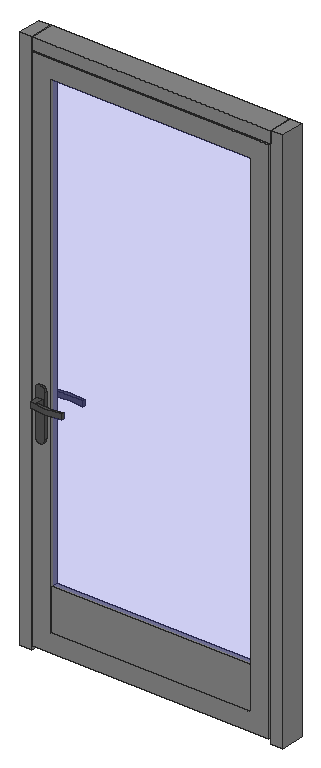
Revit family "Door_Swing Door_The Sliding Door Company_Single Door with Column & Beam_Without Casing", category Doors, host Wall, Revit 2019
Family settings
  Host = Wall
  OmniClass Number = 23.30.10.00
  OmniClass Title = Doors
  Always vertical = Yes
  Cut with Voids When Loaded = No
  Shared = No
  Room Calculation Point = No
Parameters (values of type "Single Swing Door with Column & Beam")
  URL = "https://www.slidingdoorco.com"
  Thickness = 1 1/4"  # constant formula
  Top Side Gap = 1/4"  # constant formula
  Swing Angle [instance] = 90.00°
  Stile/Rail = 3"  # constant formula
  Stile, Rail, Door Stop, Kickplate, Column & Beam Material [instance] = TSDC - Powder Coat Charcoal Gray
  Round Designer Handle Finish [instance] = TSDC - Handle Black
  Push Round Designer Handle 12" = no
  Push Lever Set = yes
  Push Kickplate = yes
  Pull Round Designer Handle 12" = no
  PUSH = not(PULL)  # yes
  PULL = no
  Panel Width = Width - 3/8"  # 39 5/8"
  Panel Height = Height - 7/8"  # 89 1/8"
  Overall System Width = Finished Opening Width + (Column at Handle Side * 2)  # 44"
  Overall System Height = Finished Opening Height + (Beam)  # 92"
  Opening Clearance Height = Height - 1" / 2  # 89 1/2"
  Opening Clearance Width = Width - 5" / 8 - 1 7/8"  # 37 1/2"
  Model = "Swing Door with Column & Beam"  # constant formula
  Maximum Door Panel Width = "40 inches"  # constant formula
  Maximum Door Panel Height = "108 inches"  # constant formula
  Maximum Door Swing = "120 degress"  # constant formula
  Manufacturer = "The Sliding Door Company"  # constant formula
  Pull Lever Set = no
  Pull Kickplate = no
  Lever Handle Finish [instance] = TSDC - Handle Black
  Hinge Side Gap = 1/4"  # constant formula
  Handle Side Gap = 1/8"  # constant formula
  Glass Material [instance] = TSDC - Clear Glass
  Function = Interior
  Frame Projection Ext. = 1"
  Frame Projection Int. = 1"
  Frame Width = 3"
  Height = if(Finished Opening Height > 108 7/8", 108 7/8", Finished Opening Height)  # 90"
  Wall Closure = By host
  Width = if(Finished Opening Width > 40 3/8", 40 3/8", Finished Opening Width)  # 40"
  Fire Rating = "N/A"  # constant formula
  Finished Opening Width = 40"
  Finished Opening Height = 90"
  Description = "Swing Door with Column & Beam"  # constant formula
  Contact Information = "https://www.slidingdoorco.com/contact"
  Column at Hinge Side = 2"
  ADA Opening Clearance = "Minimum of 32 inches Opening Clearance"  # constant formula
  Bottom Side Gap = 5/8"  # constant formula
  Column at Handle Side = 2"
  Beam = 2"
  Column & Beam Sizes = "Available Only in 2x4 & 4x4 Sizes"  # constant formula
Reference planes (in)
  plane 1 "Center (Front/Back)": y = 0
  plane 2 "Center (Left/Right)": x = 0
  plane 3 "Left": x = -20
  plane 4 "Right": x = 20
  plane 5 "Top": z = 90
  plane 6 "Exterior": y = 3
  plane 7 "Interior": y = -3
  plane 8 "hinge": x = 19.75
  plane 9 "handle": x = -19.875
  plane 10 "top side": z = 89.75
  plane 11 "bottom side": z = 0.625
  plane 12: x = -19.375
  plane 13: x = 18.125
  plane 14: y = 1.75
  plane 15: z = 36
  plane 16: z = 38
  plane 17: z = 10.625
  plane 18: x = -22
  plane 19: x = 22
  plane 20: y = -1
  plane 21: z = 92
  plane 22: y = 0.25
Forms (in)
  Extrusion 1, solid, material "TSDC - Powder Coat Charcoal Gray" <- "Stile, Rail, Door Stop, Kickplate, Column & Beam Material", visible <- "PULL"
    sketch origin (0, 0, 0) x (1, 0, 0) y (0, 0, 1)
      loop
        line (19.75, 89.75) -> (-19.875, 89.75) -> (-19.875, 0.625) -> (19.75, 0.625) -> (19.75, 89.75)
      loop
        line (16.75, 86.75) -> (-16.875, 86.75) -> (-16.875, 3.625) -> (16.75, 3.625) -> (16.75, 86.75)
    from -3 to -1.75
  Extrusion 2, solid, material "TSDC - Clear Glass" <- "Glass Material", visible <- "PULL"
    sketch origin (0, 0, 0) x (1, 0, 0) y (0, 0, 1)
      loop
        line (16.75, 86.75) -> (-16.875, 86.75) -> (-16.875, 3.625) -> (16.75, 3.625) -> (16.75, 86.75)
    from -2.5 to -2.2773437
  Sweep 3, solid, not visible
    path origin (0, 0, 0) x (1, 0, 0) y (0, 0, 1)
      loop
        line (-20, 0) -> (-20, 108) -> (16.125, 108) -> (16.125, 0)
    profile origin (-20, 0, 54) x (-1, 0, 0) y (0, -1, 0)
      loop
        line (-0.4350682, -0.2853449) -> (-0.3716442, -0.3219628) -> (-0.3261896, -0.2957196) -> (-0.2788586, -0.3103573) -> (0, -0.3103573) -> (0, 0.9818302) -> (-0.274122, 0.9818302) -> (-0.3244755, 0.9662578) -> (-0.3779955, 0.9923612) -> (-0.4376557, 0.9579164)
        arc (-0.4376557, 0.9579164) -> (-0.4452512, 0.9295695) -> (-0.4169043, 0.921974) r 0.0207514
        line (-0.4169043, 0.921974) -> (-0.3760036, 0.945588) -> (-0.3150881, 0.9104184) -> (-0.2694227, 0.9367833) -> (-0.079, 0.9367833) -> (-0.079, -0.2672636) -> (-0.2694227, -0.2672636) -> (-0.3150881, -0.2408986) -> (-0.3750271, -0.2755044) -> (-0.4157969, -0.2519659)
        arc (-0.4157969, -0.2519659) -> (-0.442122, -0.2590197) -> (-0.4350682, -0.2853449) r 0.0192714
      loop
        arc (-0.3932442, -0.6690036) -> (-0.2465, -0.7110937) -> (-0.0997558, -0.6690036) r 0.2768517
        line (-0.0997558, -0.6690036) -> (-0.0917465, -0.5659293) -> (-0.2465, -0.5190055) -> (-0.4012535, -0.5659293) -> (-0.3932442, -0.6690036)
      loop
        line (-0.3245894, 0.9760109) -> (-0.2695482, 0.9955489) -> (0, 0.9955489) -> (0, 1.0467364) -> (-0.512, 1.0467364) -> (-0.512, -0.4532636) -> (-0.325, -0.4532636) -> (-0.325, -0.4181698) -> (-0.394, -0.4181698) -> (-0.394, -0.3694042) -> (-0.099, -0.3694042) -> (-0.099, -0.4181698) -> (-0.168, -0.4181698) -> (-0.168, -0.4532636) -> (0, -0.4532636) -> (0, -0.3182167) -> (-0.2819282, -0.3182167) -> (-0.3251091, -0.3048624) -> (-0.3657274, -0.3302167) -> (-0.457, -0.3302167) -> (-0.457, 1.0016896) -> (-0.3657275, 1.0016896) -> (-0.3245894, 0.9760109)
      loop
        line (-0.0665, -0.6928078) -> (-0.0546726, -0.5405971) -> (-0.1979034, -0.4971673) -> (-0.1979034, -0.411631) -> (-0.1274176, -0.411631) -> (-0.1274176, -0.3790309) -> (-0.3655824, -0.3790309) -> (-0.3655824, -0.411631) -> (-0.2950966, -0.411631) -> (-0.2950966, -0.4971673) -> (-0.4383274, -0.5405971) -> (-0.4265, -0.6928078)
        arc (-0.4265, -0.6928078) -> (-0.3630851, -0.7351291) -> (-0.2883072, -0.7499888) r 0.1955799
        line (-0.2883072, -0.7499888) -> (-0.2047666, -0.7499888)
        arc (-0.2047666, -0.7499888) -> (-0.1299546, -0.7351296) -> (-0.0665, -0.6928078) r 0.1957584
  Sweep 4, solid, not visible
    path origin (2, 0, 0) x (1, 0, 0) y (0, 0, 1)
      loop
        line (-20, 0) -> (-20, 96) -> (16, 96) -> (16, 0)
    profile origin (-18, 0, 48) x (-1, 0, 0) y (0, -1, 0)
      loop
        line (-0.4350682, -0.2853449) -> (-0.3716442, -0.3219628) -> (-0.3261896, -0.2957196) -> (-0.2788586, -0.3103573) -> (0, -0.3103573) -> (0, 0.9818302) -> (-0.274122, 0.9818302) -> (-0.3244755, 0.9662578) -> (-0.3779955, 0.9923612) -> (-0.4376557, 0.9579164)
        arc (-0.4376557, 0.9579164) -> (-0.4452512, 0.9295695) -> (-0.4169043, 0.921974) r 0.0207514
        line (-0.4169043, 0.921974) -> (-0.3760036, 0.945588) -> (-0.3150881, 0.9104184) -> (-0.2694227, 0.9367833) -> (-0.079, 0.9367833) -> (-0.079, -0.2672636) -> (-0.2694227, -0.2672636) -> (-0.3150881, -0.2408986) -> (-0.3750271, -0.2755044) -> (-0.4157969, -0.2519659)
        arc (-0.4157969, -0.2519659) -> (-0.442122, -0.2590197) -> (-0.4350682, -0.2853449) r 0.0192714
      loop
        arc (-0.3932442, -0.6690036) -> (-0.2465, -0.7110937) -> (-0.0997558, -0.6690036) r 0.2768517
        line (-0.0997558, -0.6690036) -> (-0.0917465, -0.5659293) -> (-0.2465, -0.5190055) -> (-0.4012535, -0.5659293) -> (-0.3932442, -0.6690036)
      loop
        line (-0.3245894, 0.9760109) -> (-0.2695482, 0.9955489) -> (0, 0.9955489) -> (0, 1.0467364) -> (-0.512, 1.0467364) -> (-0.512, -0.4532636) -> (-0.325, -0.4532636) -> (-0.325, -0.4181698) -> (-0.394, -0.4181698) -> (-0.394, -0.3694042) -> (-0.099, -0.3694042) -> (-0.099, -0.4181698) -> (-0.168, -0.4181698) -> (-0.168, -0.4532636) -> (0, -0.4532636) -> (0, -0.3182167) -> (-0.2819282, -0.3182167) -> (-0.3251091, -0.3048624) -> (-0.3657274, -0.3302167) -> (-0.457, -0.3302167) -> (-0.457, 1.0016896) -> (-0.3657275, 1.0016896) -> (-0.3245894, 0.9760109)
      loop
        line (-0.0665, -0.6928078) -> (-0.0546726, -0.5405971) -> (-0.1979034, -0.4971673) -> (-0.1979034, -0.411631) -> (-0.1274176, -0.411631) -> (-0.1274176, -0.3790309) -> (-0.3655824, -0.3790309) -> (-0.3655824, -0.411631) -> (-0.2950966, -0.411631) -> (-0.2950966, -0.4971673) -> (-0.4383274, -0.5405971) -> (-0.4265, -0.6928078)
        arc (-0.4265, -0.6928078) -> (-0.3630851, -0.7351291) -> (-0.2883072, -0.7499888) r 0.1955799
        line (-0.2883072, -0.7499888) -> (-0.2047666, -0.7499888)
        arc (-0.2047666, -0.7499888) -> (-0.1299546, -0.7351296) -> (-0.0665, -0.6928078) r 0.1957584
  Extrusion 5, solid, material "TSDC - Powder Coat Charcoal Gray" <- "Stile, Rail, Door Stop, Kickplate, Column & Beam Material", visible <- "PULL"
    sketch origin (0, 0, 0) x (1, 0, 0) y (0, 0, 1)
      loop
        line (-20, 90) -> (-20, 0) -> (-19.5, 0) -> (-19.5, 89.5) -> (19.5, 89.5) -> (19.5, 0) -> (20, 0) -> (20, 90) -> (-20, 90)
    from -1.75 to 0
  Extrusion 6, solid, not visible
    sketch origin (0, -1.25, 0) x (1, 0, 0) y (0, 1, 0)
      loop
        line (-18.6875, 2.625) -> (-18.6875, 0.8125)
        arc (-18.6875, 0.8125) -> (-18.375, 1.125) -> (-18.0625, 0.8125) r 0.3125
        line (-18.0625, 0.8125) -> (-18.0625, 2.625) -> (-18.6875, 2.625)
    from 1 to 1.75
  Extrusion 7, solid, not visible
    sketch origin (0, -1.25, 0) x (1, 0, 0) y (0, 1, 0)
      loop
        line (-18.6875, 2.625) -> (-18.6875, 0.8125)
        arc (-18.6875, 0.8125) -> (-18.375, 1.125) -> (-18.0625, 0.8125) r 0.3125
        line (-18.0625, 0.8125) -> (-18.0625, 2.625) -> (-18.6875, 2.625)
    from 10.25 to 11
  Extrusion 8, solid, not visible
    sketch origin (0, 0.0841657, 0) x (1, 0, 0) y (0, 1, 0)
      loop
        circle (-18.3735619, -0.521669) r 0.3125
    from 0 to 12
  Extrusion 9, solid, material "TSDC - Powder Coat Charcoal Gray" <- "Stile, Rail, Door Stop, Kickplate, Column & Beam Material", visible <- "Pull Kickplate"
    sketch origin (0, 0, 0) x (1, 0, 0) y (0, 1, 0)
      loop
        line (-16.875, 2.875) -> (-16.875, 1.875) -> (16.75, 1.875) -> (16.75, 2.875) -> (-16.875, 2.875)
    from 3.625 to 10.625
  Extrusion 10, solid, material "TSDC - Powder Coat Charcoal Gray" <- "Stile, Rail, Door Stop, Kickplate, Column & Beam Material"
    sketch origin (0, 0, 0) x (1, 0, 0) y (0, 1, 0)
      loop
        line (-20, 3) -> (-22, 3) -> (-22, -1) -> (-20, -1) -> (-20, 3)
    from 0 to 92
  Extrusion 11, solid, material "TSDC - Powder Coat Charcoal Gray" <- "Stile, Rail, Door Stop, Kickplate, Column & Beam Material"
    sketch origin (0, 0, 0) x (1, 0, 0) y (0, 1, 0)
      loop
        line (22, 3) -> (20, 3) -> (20, -1) -> (22, -1) -> (22, 3)
    from 0 to 92
  Extrusion 12, solid, material "TSDC - Powder Coat Charcoal Gray" <- "Stile, Rail, Door Stop, Kickplate, Column & Beam Material"
    sketch origin (0, 0, 0) x (1, 0, 0) y (0, 0, 1)
      loop
        line (20, 92) -> (-20, 92) -> (-20, 90) -> (20, 90) -> (20, 92)
    from -3 to 1
  Extrusion 13, solid, material "TSDC - Powder Coat Charcoal Gray" <- "Stile, Rail, Door Stop, Kickplate, Column & Beam Material", visible <- "PUSH"
    sketch origin (0, 0, 0) x (1, 0, 0) y (0, 0, 1)
      loop
        line (-19.875, 89.75) -> (-19.875, 0.625) -> (19.75, 0.625) -> (19.75, 89.75) -> (-19.875, 89.75)
      loop
        line (-16.875, 86.75) -> (-16.875, 3.625) -> (16.75, 3.625) -> (16.75, 86.75) -> (-16.875, 86.75)
    from -0.25 to 1
  Extrusion 14, solid, material "TSDC - Clear Glass" <- "Glass Material", visible <- "PUSH"
    sketch origin (0, 0, 0) x (1, 0, 0) y (0, 0, 1)
      loop
        line (-16.875, 86.75) -> (-16.875, 3.625) -> (16.75, 3.625) -> (16.75, 86.75) -> (-16.875, 86.75)
    from 0.25 to 0.5
  Extrusion 15, solid, material "TSDC - Powder Coat Charcoal Gray" <- "Stile, Rail, Door Stop, Kickplate, Column & Beam Material", visible <- "Push Kickplate"
    sketch origin (0, -2.75, 0) x (1, 0, 0) y (0, 1, 0)
      loop
        line (-16.875, 2.875) -> (-16.875, 1.875) -> (16.75, 1.875) -> (16.75, 2.875) -> (-16.875, 2.875)
    from 3.625 to 10.625
  Extrusion 16, solid, material "TSDC - Powder Coat Charcoal Gray" <- "Stile, Rail, Door Stop, Kickplate, Column & Beam Material", visible <- "PUSH"
    sketch origin (0, 0, 0) x (1, 0, 0) y (0, 0, 1)
      loop
        line (-19.5, 0) -> (-19.5, 89.5) -> (19.5, 89.5) -> (19.5, 0) -> (20, 0) -> (20, 90) -> (-20, 90) -> (-20, 0) -> (-19.5, 0)
    from -2 to -0.25
Lines and regions (in)
  Opening 1
    outline origin (-90, -3, 0) x (1, 0, 0) y (0, 0, 1)
      loop
        line (68, 0) -> (112, 0) -> (112, 92) -> (68, 92) -> (68, 0)
  symbolic lines, style "Elevation Swing"
    curve 1: line (-19.875, 0, 89.75) -> (19.75, 0, 45)
    curve 2: line (19.75, 0, 45) -> (-19.875, 0, 0.625)
Text (in)
  text "Exterior" at (-74.9673292, 27.3110449, 0), in view "Ref. Level"
  text "Interior" at (-74.9673292, -25.1436555, 0), in view "Ref. Level"
  text "Exterior" at (0, 40.1514891, 123.0158834), in view "Right"
  text "Interior" at (0, -64.3913889, 123.0158834), in view "Right"
  text "Interior" at (0, -31.0159946, 123.0069277), in view "Left"
  text "Exterior" at (0, 54.5706505, 123.0069277), in view "Left"
Dimensions and locks (in)
  equal spacing: plane 3 "Left", plane 2 "Center (Left/Right)", plane 4 "Right"
  "Hinge Side Gap": plane 8 "hinge" to plane 4 "Right"
  "Handle Side Gap": plane 3 "Left" to plane 9 "handle"
  "Top Side Gap": plane 10 "top side" to plane 5 "Top"
  "Bottom Side Gap": level to plane 11 "bottom side"
  "Stile/Rail": Extrusion 1 to Extrusion 1  (x4)
  "Height": level to plane 5 "Top"
  locked: Extrusion 1 to Extrusion 1 at 1.25
  "Width": plane 3 "Left" to plane 4 "Right"
  locked: plane 3 "Left" to plane 12 at 0.625
  locked: plane 13 to plane 4 "Right" at 1.875
  locked: plane 14 to plane 6 "Exterior" at 1.25
  Extrusion 5 sketch curve to Extrusion 5 sketch curve = 1/2"  (x3)
  locked: Extrusion 5 to plane 14 at 1.75
  locked: Extrusion 1 to Extrusion 2 at 0.5
  locked: Extrusion 1 to Extrusion 2 at 0.5273438
  equal spacing: level, curve 2, plane 5 "Top"
  locked: Extrusion 1 to nested 2 at 1.5
  locked: Extrusion 1 to nested 3 at 1.5
  locked: plane 15 to level at 36
  locked: Extrusion 1 to nested 6 at 1.5
  locked: Extrusion 1 to nested 7 at 1.5
  locked: plane 16 to level at 38
  locked: plane 17 to plane 11 "bottom side" at 10
  "Column at Handle Side": plane 18 to plane 3 "Left"
  "Column at Hinge Side": plane 4 "Right" to plane 19
  "Beam": plane 5 "Top" to plane 21
  locked: plane 20 to plane 6 "Exterior" at 4
  locked: plane 22 to plane 20 at 1.25
  locked: Extrusion 13 to Extrusion 13 at 1.25
  locked: Extrusion 13 to Extrusion 14 at 0.5  (x2)
  locked: Extrusion 13 to Extrusion 15 at 0.125  (x2)
  locked: Extrusion 13 to nested 9 at 1.5
  locked: Extrusion 13 to nested 8 at 1.5
  locked: Extrusion 13 to nested 11 at 1.5
  locked: Extrusion 13 to nested 10 at 1.5
  locked: Extrusion 16 to Extrusion 16 at 1.75
  aligned and locked: Opening 1 sketch curve to level
  aligned and locked: plane 6 "Exterior" to host wall
  aligned and locked: plane 7 "Interior" to host wall
  aligned and locked: Extrusion 1 sketch curve to plane 10 "top side"
  aligned and locked: plane 8 "hinge" to Extrusion 1 sketch curve
  aligned and locked: plane 11 "bottom side" to Extrusion 1 sketch curve
  aligned and locked: Extrusion 1 sketch curve to plane 9 "handle"
  aligned and locked: Extrusion 2 sketch curve to Extrusion 1  (x4)
  aligned and locked: Extrusion 1 to Extrusion 2  (x2)
  aligned and locked: Extrusion 5 sketch curve to plane 3 "Left"
  aligned and locked: plane 4 "Right" to Extrusion 5 sketch curve
  aligned and locked: plane 5 "Top" to Extrusion 5 sketch curve
  aligned and locked: Extrusion 5 sketch curve to level  (x2)
  aligned and locked: Extrusion 5 to Extrusion 1
  aligned and locked: plane 8 "hinge" to nested 1
  aligned and locked: plane 17 to Extrusion 9
  aligned and locked: Extrusion 9 to Extrusion 1  (x3)
  aligned and locked: Extrusion 1 to plane 6 "Exterior"
  aligned and locked: plane 14 to nested 1
  aligned and locked: plane 6 "Exterior" to nested 7
  aligned and locked: plane 14 to nested 6
  aligned and locked: nested 2 to plane 14
  aligned and locked: plane 18 to Opening 1 sketch curve
  aligned and locked: Opening 1 sketch curve to plane 21
  aligned and locked: plane 19 to Opening 1 sketch curve
  aligned and locked: host wall to Extrusion 10 sketch curve
  aligned and locked: Extrusion 10 sketch curve to plane 3 "Left"
  aligned and locked: Extrusion 10 sketch curve to plane 20
  aligned and locked: Extrusion 10 sketch curve to plane 18
  aligned and locked: host wall to Extrusion 11 sketch curve  (x2)
  aligned and locked: Extrusion 11 sketch curve to plane 20
  aligned and locked: plane 4 "Right" to Extrusion 11 sketch curve
  aligned and locked: Extrusion 10 to host wall
  aligned and locked: host wall to Extrusion 11
  aligned and locked: Extrusion 11 to Extrusion 12 sketch curve
  aligned and locked: Extrusion 12 sketch curve to Extrusion 11
  aligned and locked: Extrusion 12 sketch curve to Extrusion 5  (x2)
  aligned and locked: host wall to Extrusion 12
  aligned and locked: Extrusion 12 to plane 20
  aligned and locked: Extrusion 1 to nested 3
  aligned and locked: plane 10 "top side" to Extrusion 13 sketch curve
  aligned and locked: plane 9 "handle" to Extrusion 13 sketch curve
  aligned and locked: Extrusion 13 sketch curve to plane 11 "bottom side"
  aligned and locked: Extrusion 13 sketch curve to plane 8 "hinge"
  aligned and locked: plane 22 to Extrusion 13
  aligned and locked: Extrusion 13 to plane 20
  aligned and locked: Extrusion 14 sketch curve to Extrusion 1  (x4)
  aligned and locked: plane 22 to nested 9
  aligned and locked: plane 20 to nested 8
  aligned and locked: plane 22 to nested 11
  aligned and locked: plane 20 to nested 10
  aligned and locked: nested 12 to plane 22
  aligned and locked: nested 12 to plane 8 "hinge"
  aligned and locked: plane 22 to nested 12
  aligned and locked: plane 5 "Top" to Extrusion 16 sketch curve
  aligned and locked: plane 4 "Right" to Extrusion 16 sketch curve
  aligned and locked: Extrusion 16 sketch curve to plane 3 "Left"
  aligned and locked: Extrusion 16 to plane 22
Automatic sketch dimensions
  Sweep 3 sketch curve to profile plane = 0"  (x3)
  profile plane to Sweep 3 sketch curve = 7/128"
  profile plane to Sweep 3 sketch curve = 0.0665"
  profile plane to Sweep 3 sketch curve = 0.079"
  Sweep 3 sketch curve to Sweep 3 sketch curve = 0.03707"  (x2)
  profile plane to Sweep 3 sketch curve = 0.099"
  Sweep 3 sketch curve to Sweep 3 sketch curve = 0.03326"  (x2)
  Sweep 3 sketch curve to Sweep 3 sketch curve = 0.02842"  (x2)
  Sweep 3 sketch curve to Sweep 3 sketch curve = 0.04058"  (x2)
  Sweep 3 sketch curve to Sweep 3 sketch curve = 0.0299"  (x2)
  Sweep 3 sketch curve to Sweep 3 sketch curve = 0.0486"  (x3)
  Sweep 3 sketch curve to Sweep 3 sketch curve = 0.07152"
  Sweep 3 sketch curve to Sweep 3 sketch curve = 0.19042"
  Sweep 3 sketch curve to Sweep 3 sketch curve = 0.00013"
  Sweep 3 sketch curve to Sweep 3 sketch curve = 0.00457"
  Sweep 3 sketch curve to Sweep 3 sketch curve = 0.00944"
  Sweep 3 sketch curve to Sweep 3 sketch curve = 0.00307"
  Sweep 3 sketch curve to Sweep 3 sketch curve = 0.04181"
  Sweep 3 sketch curve to Sweep 3 sketch curve = 0.04567"  (x2)
  Sweep 3 sketch curve to Sweep 3 sketch curve = 0.05035"
  Sweep 3 sketch curve to Sweep 3 sketch curve = 0.00011"
  Sweep 3 sketch curve to Sweep 3 sketch curve = 0.04318"
  Sweep 3 sketch curve to Sweep 3 sketch curve = 0.00108"
  Sweep 3 sketch curve to Sweep 3 sketch curve = 0.04062"
  Sweep 3 sketch curve to Sweep 3 sketch curve = 0.04114"
  Sweep 3 sketch curve to Sweep 3 sketch curve = 0.00592"
  Sweep 3 sketch curve to Sweep 3 sketch curve = 0.00338"
  Sweep 3 sketch curve to Sweep 3 sketch curve = 0.05153"
  Sweep 3 sketch curve to Sweep 3 sketch curve = 0.01227"
  Sweep 3 sketch curve to Sweep 3 sketch curve = 0.10494"
  Sweep 3 sketch curve to Sweep 3 sketch curve = 0.00801"
  Sweep 3 sketch curve to Sweep 3 sketch curve = 0.04077"
  Sweep 3 sketch curve to Sweep 3 sketch curve = 0.0409"
  Sweep 3 sketch curve to Sweep 3 sketch curve = 0.00964"  (x2)
  Sweep 3 sketch curve to Sweep 3 sketch curve = 0.01038"  (x2)
  Sweep 3 sketch curve to Sweep 3 sketch curve = 0.02193"
  Sweep 3 sketch curve to Sweep 3 sketch curve = 0.07367"
  Sweep 3 sketch curve to Sweep 3 sketch curve = 1.16238"
  Sweep 3 sketch curve to Sweep 3 sketch curve = 0.0153"
  Sweep 3 sketch curve to Sweep 3 sketch curve = 0.01669"
  Sweep 3 sketch curve to Sweep 3 sketch curve = 0.02354"
  Sweep 3 sketch curve to Sweep 3 sketch curve = 0.02022"
  Sweep 3 sketch curve to Sweep 3 sketch curve = 0.00914"
  Sweep 3 sketch curve to Sweep 3 sketch curve = 0.04309"
  Sweep 3 sketch curve to Sweep 3 sketch curve = 0.00786"
  Sweep 3 sketch curve to Sweep 3 sketch curve = 0.04646"
  Sweep 3 sketch curve to Sweep 3 sketch curve = 0.04487"
  Sweep 3 sketch curve to Sweep 3 sketch curve = 0.10214"
  Sweep 3 sketch curve to Sweep 3 sketch curve = 0.00963"
  Sweep 3 sketch curve to Sweep 3 sketch curve = 0.0326"  (x2)
  Sweep 3 sketch curve to Sweep 3 sketch curve = 0.00654"  (x2)
  Sweep 3 sketch curve to Sweep 3 sketch curve = 0.02261"
  Sweep 3 sketch curve to Sweep 3 sketch curve = 0.03509"  (x2)
  Sweep 3 sketch curve to Sweep 3 sketch curve = 0.0439"  (x2)
  Sweep 3 sketch curve to Sweep 3 sketch curve = 0.02184"
  Sweep 3 sketch curve to Sweep 3 sketch curve = 0.08733"  (x2)
  Sweep 3 sketch curve to Sweep 3 sketch curve = 0.03522"
  Sweep 3 sketch curve to Sweep 3 sketch curve = 0.0354"
  Sweep 3 sketch curve to Sweep 3 sketch curve = 0.02533"  (x2)
  Sweep 3 sketch curve to Sweep 3 sketch curve = 0.10307"
  Sweep 3 sketch curve to Sweep 3 sketch curve = 0.0238"  (x2)
  Sweep 3 sketch curve to Sweep 3 sketch curve = 0.02636"  (x2)
  Sweep 3 sketch curve to profile plane = 3/4"
  profile plane to Sweep 3 sketch curve = 0.92197"
  Sweep 3 sketch curve to Sweep 3 sketch curve = 0.01797"
  Sweep 3 sketch curve to Sweep 3 sketch curve = 0.02361"
  profile plane to Sweep 3 sketch curve = 0.96626"
  Sweep 3 sketch curve to Sweep 3 sketch curve = 0.00975"
  profile plane to Sweep 3 sketch curve = 0.98183"
  profile plane to Sweep 3 sketch curve = 0.99236"
  profile plane to Sweep 3 sketch curve = 0.99555"
  profile plane to Sweep 3 sketch curve = 1.00169"
  profile plane to Sweep 3 sketch curve = 1.04674"
  Sweep 3 sketch curve to Sweep 3 sketch curve = 36 1/8"
  Sweep 3 sketch curve to Sweep 3 sketch curve = 108"
  Sweep 3 sketch curve to Sweep 3 sketch curve = 0"
  Sweep 4 sketch curve to profile plane = 0"  (x3)
  profile plane to Sweep 4 sketch curve = 7/128"
  profile plane to Sweep 4 sketch curve = 0.0665"
  profile plane to Sweep 4 sketch curve = 0.079"
  Sweep 4 sketch curve to Sweep 4 sketch curve = 0.03707"  (x2)
  profile plane to Sweep 4 sketch curve = 0.099"
  Sweep 4 sketch curve to Sweep 4 sketch curve = 0.03326"  (x2)
  Sweep 4 sketch curve to Sweep 4 sketch curve = 0.02842"  (x2)
  Sweep 4 sketch curve to Sweep 4 sketch curve = 0.04058"  (x2)
  Sweep 4 sketch curve to Sweep 4 sketch curve = 0.0299"  (x2)
  Sweep 4 sketch curve to Sweep 4 sketch curve = 0.0486"  (x3)
  Sweep 4 sketch curve to Sweep 4 sketch curve = 0.07152"
  Sweep 4 sketch curve to Sweep 4 sketch curve = 0.19042"
  Sweep 4 sketch curve to Sweep 4 sketch curve = 0.00013"
  Sweep 4 sketch curve to Sweep 4 sketch curve = 0.00457"
  Sweep 4 sketch curve to Sweep 4 sketch curve = 0.00944"
  Sweep 4 sketch curve to Sweep 4 sketch curve = 0.00307"
  Sweep 4 sketch curve to Sweep 4 sketch curve = 0.04181"
  Sweep 4 sketch curve to Sweep 4 sketch curve = 0.04567"  (x2)
  Sweep 4 sketch curve to Sweep 4 sketch curve = 0.05035"
  Sweep 4 sketch curve to Sweep 4 sketch curve = 0.00011"
  Sweep 4 sketch curve to Sweep 4 sketch curve = 0.04318"
  Sweep 4 sketch curve to Sweep 4 sketch curve = 0.00108"
  Sweep 4 sketch curve to Sweep 4 sketch curve = 0.04062"
  Sweep 4 sketch curve to Sweep 4 sketch curve = 0.04114"
  Sweep 4 sketch curve to Sweep 4 sketch curve = 0.00592"
  Sweep 4 sketch curve to Sweep 4 sketch curve = 0.00338"
  Sweep 4 sketch curve to Sweep 4 sketch curve = 0.05153"
  Sweep 4 sketch curve to Sweep 4 sketch curve = 0.01227"
  Sweep 4 sketch curve to Sweep 4 sketch curve = 0.10494"
  Sweep 4 sketch curve to Sweep 4 sketch curve = 0.00801"
  Sweep 4 sketch curve to Sweep 4 sketch curve = 0.04077"
  Sweep 4 sketch curve to Sweep 4 sketch curve = 0.0409"
  Sweep 4 sketch curve to Sweep 4 sketch curve = 0.00964"  (x2)
  Sweep 4 sketch curve to Sweep 4 sketch curve = 0.01038"  (x2)
  Sweep 4 sketch curve to Sweep 4 sketch curve = 0.02193"
  Sweep 4 sketch curve to Sweep 4 sketch curve = 0.07367"
  Sweep 4 sketch curve to Sweep 4 sketch curve = 1.16238"
  Sweep 4 sketch curve to Sweep 4 sketch curve = 0.0153"
  Sweep 4 sketch curve to Sweep 4 sketch curve = 0.01669"
  Sweep 4 sketch curve to Sweep 4 sketch curve = 0.02354"
  Sweep 4 sketch curve to Sweep 4 sketch curve = 0.02022"
  Sweep 4 sketch curve to Sweep 4 sketch curve = 0.00914"
  Sweep 4 sketch curve to Sweep 4 sketch curve = 0.04309"
  Sweep 4 sketch curve to Sweep 4 sketch curve = 0.00786"
  Sweep 4 sketch curve to Sweep 4 sketch curve = 0.04646"
  Sweep 4 sketch curve to Sweep 4 sketch curve = 0.04487"
  Sweep 4 sketch curve to Sweep 4 sketch curve = 0.10214"
  Sweep 4 sketch curve to Sweep 4 sketch curve = 0.00963"
  Sweep 4 sketch curve to Sweep 4 sketch curve = 0.0326"  (x2)
  Sweep 4 sketch curve to Sweep 4 sketch curve = 0.00654"  (x2)
  Sweep 4 sketch curve to Sweep 4 sketch curve = 0.02261"
  Sweep 4 sketch curve to Sweep 4 sketch curve = 0.03509"  (x2)
  Sweep 4 sketch curve to Sweep 4 sketch curve = 0.0439"  (x2)
  Sweep 4 sketch curve to Sweep 4 sketch curve = 0.02184"
  Sweep 4 sketch curve to Sweep 4 sketch curve = 0.08733"  (x2)
  Sweep 4 sketch curve to Sweep 4 sketch curve = 0.03522"
  Sweep 4 sketch curve to Sweep 4 sketch curve = 0.0354"
  Sweep 4 sketch curve to Sweep 4 sketch curve = 0.02533"  (x2)
  Sweep 4 sketch curve to Sweep 4 sketch curve = 0.10307"
  Sweep 4 sketch curve to Sweep 4 sketch curve = 0.0238"  (x2)
  Sweep 4 sketch curve to Sweep 4 sketch curve = 0.02636"  (x2)
  Sweep 4 sketch curve to profile plane = 3/4"
  profile plane to Sweep 4 sketch curve = 0.92197"
  Sweep 4 sketch curve to Sweep 4 sketch curve = 0.01797"
  Sweep 4 sketch curve to Sweep 4 sketch curve = 0.02361"
  profile plane to Sweep 4 sketch curve = 0.96626"
  Sweep 4 sketch curve to Sweep 4 sketch curve = 0.00975"
  profile plane to Sweep 4 sketch curve = 0.98183"
  profile plane to Sweep 4 sketch curve = 0.99236"
  profile plane to Sweep 4 sketch curve = 0.99555"
  profile plane to Sweep 4 sketch curve = 1.00169"
  profile plane to Sweep 4 sketch curve = 1.04674"
  Sweep 4 sketch curve to Sweep 4 sketch curve = 36"
  Sweep 4 sketch curve to Sweep 4 sketch curve = 96"
  Sweep 4 sketch curve to Sweep 4 sketch curve = 0"
  Extrusion 6 sketch curve to Extrusion 6 sketch curve = 5/16"
  Extrusion 7 sketch curve to Extrusion 7 sketch curve = 5/16"
  Extrusion 6 sketch curve to Extrusion 6 sketch curve = 1 13/16"
  Extrusion 7 sketch curve to Extrusion 7 sketch curve = 1 13/16"
  plane 12 to Extrusion 1 sketch curve = 2 1/2"
  Extrusion 1 sketch curve to plane 13 = 1 3/8"
  Extrusion 1 sketch curve to plane 11 "bottom side" = 3"
  plane 10 "top side" to Extrusion 1 sketch curve = 3"
  plane 12 to Extrusion 2 sketch curve = 2 1/2"
  curve 2 to plane 9 "handle" = 0"
  curve 1 to plane 9 "handle" = 0"
  curve 2 to plane 8 "hinge" = 0"
  curve 2 to plane 11 "bottom side" = 0"
  curve 1 to plane 10 "top side" = 0"
  Extrusion 9 sketch curve to plane 14 = 1/8"
  plane 12 to Extrusion 9 sketch curve = 2 1/2"
  Extrusion 9 sketch curve to plane 13 = 1 3/8"
  Extrusion 9 sketch curve to host wall = 1/8"
  plane 12 to Extrusion 13 sketch curve = 2 1/2"
  Extrusion 13 sketch curve to plane 13 = 1 3/8"
  Extrusion 13 sketch curve to plane 11 "bottom side" = 3"
  plane 10 "top side" to Extrusion 13 sketch curve = 3"
  plane 20 to Extrusion 15 sketch curve = 1/8"
  plane 12 to Extrusion 15 sketch curve = 2 1/2"
  Extrusion 15 sketch curve to plane 13 = 1 3/8"
  Extrusion 15 sketch curve to host wall = 1/8"
  Extrusion 16 sketch curve to level = 0"  (x2)
  Extrusion 16 sketch curve to plane 12 = 1/8"
  Extrusion 16 sketch curve to plane 8 "hinge" = 1/4"
  plane 10 "top side" to Extrusion 16 sketch curve = 1/4"
  radius of Extrusion 8 sketch curve = 5/16"
Nested families (in)
  nested 1: "SD Single Door Plan Swing" at (19.75, 1.75, 0), Swing Angle <- "Swing Angle", visible <- "PULL", type "SD Single Door Plan Swing"
    with Swing Angle 90.00°, Actual Angle 90.00°, Width 39 5/8"
  nested 2: "Round Designer Handle 12 inches" at (-18.375, -0.375, 30), visible <- "Pull Round Designer Handle 12"", Round Designer Handle Finish <- "Round Designer Handle Finish", type "Round Designer Handle 12 inches"
    with Round Designer Handle Finish TSDC - Handle Black
  nested 3: "Round Designer Handle 12 inches" at (-18.375, 5.125, 30), visible <- "Pull Round Designer Handle 12"", Round Designer Handle Finish <- "Round Designer Handle Finish", type "Round Designer Handle 12 inches"
    with Round Designer Handle Finish TSDC - Handle Black
  nested 4: "Round Designer Handle 12 inches" at (-18.375, -0.75, 30), type "Round Designer Handle 12 inches", not visible
  nested 5: "Round Designer Handle 12 inches" at (-18.375, 4.75, 30), type "Round Designer Handle 12 inches", not visible
  nested 6: "Lever Set" at (-18.375, 1.75, 31.6875), visible <- "Pull Lever Set", Lever Handle Finish <- "Lever Handle Finish", type "Lever Set"
    with Lever Handle Finish TSDC - Handle Black
  nested 7: "Lever Set" at (-18.375, 3, 31.6875), visible <- "Pull Lever Set", Lever Handle Finish <- "Lever Handle Finish", type "Lever Set"
    with Lever Handle Finish TSDC - Handle Black
  nested 8: "Round Designer Handle 12 inches" at (-18.375, -3.125, 30), visible <- "Push Round Designer Handle 12"", Round Designer Handle Finish <- "Round Designer Handle Finish", type "Round Designer Handle 12 inches"
    with Round Designer Handle Finish TSDC - Handle Black
  nested 9: "Round Designer Handle 12 inches" at (-18.375, 2.375, 30), visible <- "Push Round Designer Handle 12"", Round Designer Handle Finish <- "Round Designer Handle Finish", type "Round Designer Handle 12 inches"
    with Round Designer Handle Finish TSDC - Handle Black
  nested 10: "Lever Set" at (-18.375, -1, 31.6875), visible <- "Push Lever Set", Lever Handle Finish <- "Lever Handle Finish", type "Lever Set"
    with Lever Handle Finish TSDC - Handle Black
  nested 11: "Lever Set" at (-18.375, 0.25, 31.6875), visible <- "Push Lever Set", Lever Handle Finish <- "Lever Handle Finish", type "Lever Set"
    with Lever Handle Finish TSDC - Handle Black
  nested 12: "SD Single Door Plan Swing" at (19.75, 0.25, 0), Swing Angle <- "Swing Angle", visible <- "PUSH", type "SD Single Door Plan Swing"
    with Swing Angle 90.00°, Actual Angle 90.00°, Width 39 5/8"
Definition of nested family "Round Designer Handle 12 inches"
  Parameters (values of type "Round Designer Handle 12 inches")
    Round Designer Handle Finish [instance] = none
  Reference planes (in)
    plane 1 "Center (Front/Back)": y = 0
    plane 2: z = 0
    plane 3 "Center (Left/Right)": x = 0
  Forms (in)
    Extrusion 1, solid, material <- "Round Designer Handle Finish"
      sketch origin (0, -2.669818, 0) x (1, 0, 0) y (0, 1, 0)
        loop
          circle (0, 2.982318) r 0.3125
      from 0 to 12
    Extrusion 2, solid, material <- "Round Designer Handle Finish"
      sketch origin (0, 0, 0) x (1, 0, 0) y (0, 0, 1)
        loop
          circle (0, 10.5) r 0.3125
      from -2.125 to -0.3125
    Extrusion 3, solid, material <- "Round Designer Handle Finish"
      sketch origin (0, 0, -9) x (1, 0, 0) y (0, 0, 1)
        loop
          circle (0, 10.5) r 0.3125
      from -2.125 to -0.3125
  Lines and regions (in)
    symbolic lines
      curve 1: line (-0.3125, 0.3125, 0) -> (-0.3125, 2.125, 0)
  Dimensions and locks (in)
    aligned and locked: plane 2 to level
Definition of nested family "Lever Set"
  Parameters (values of type "Lever Set")
    Lever Handle Finish [instance] = none
  Reference planes (in)
    plane 1 "Center (Front/Back)": y = 0
    plane 2: z = 0
    plane 3 "Center (Left/Right)": x = 0
  Forms (in)
    Extrusion 1, solid, material <- "Lever Handle Finish"
      sketch origin (0, 0, 0) x (1, 0, 0) y (0, 0, 1)
        loop
          arc (-0.8125, 0.8125) -> (0, 0) -> (0.8125, 0.8125) r 0.8125
          line (0.8125, 0.8125) -> (0.8125, 7.9375)
          arc (0.8125, 7.9375) -> (0, 8.75) -> (-0.8125, 7.9375) r 0.8125
          line (-0.8125, 7.9375) -> (-0.8125, 0.8125)
      from 0 to 0.25
    Extrusion 2, solid, material <- "Lever Handle Finish"
      sketch origin (0, 0, 0) x (1, 0, 0) y (0, 1, 0)
        loop
          line (-0.4375, -0.25) -> (-0.4375, -1.75)
          arc (-0.4375, -1.75) -> (2.1875, -1.9875054) -> (4.8125, -1.75) r 14.625
          line (4.8125, -1.75) -> (4.8125, -1.375)
          arc (4.8125, -1.375) -> (2.6298277, -1.6064709) -> (0.4375, -1.5) r 14.25
          line (0.4375, -1.5) -> (0.4375, -0.25) -> (-0.4375, -0.25)
      from 5.875 to 6.75
  Dimensions and locks (in)
    aligned and locked: plane 2 to level
Definition of nested family "SD Single Door Plan Swing"
  Parameters (values of type "SD Single Door Plan Swing")
    Width = 39.25099"
    Thickness = 1 1/4"
    Swing Angle [instance] = 45.00°
    Actual Angle [instance] = if(Swing Angle < 1.00°, 1.00°, Swing Angle)  # 45.00°
  Reference planes (in)
    plane 1 "Center (Front/Back)": y = 0
    plane 2: z = 0
    plane 3 "Center (Left/Right)": x = 0
    plane 4: x = -39.2509882
  Lines and regions (in)
    Masking region 1
      outline origin (0, 0, 0) x (1, 0, 0) y (0, 1, 0)
        loop
          line (-28.6385234, 26.8707565) -> (-0.8838835, -0.8838835) -> (0, 0) -> (-27.7546399, 27.7546399) -> (-28.6385234, 26.8707565)
    reference lines
      curve 1: line (0, 0, 0) -> (-27.7546399, 27.7546399, 0)
      curve 2: line (-27.7546399, 27.7546399, 0) -> (-28.6385234, 26.8707565, 0)
      curve 3: line (-28.6385234, 26.8707565, 0) -> (-0.8838835, -0.8838835, 0)
      curve 4: line (-0.8838835, -0.8838835, 0) -> (0, 0, 0)
    symbolic lines
      curve 5: arc (-39.2509882, 0, 0) -> (-36.2631846, 15.0207029, 0) -> (-27.7546399, 27.7546399, 0) r 39.2509882
  Dimensions and locks (in)
    "Width": plane 4 to plane 3 "Center (Left/Right)"
    "Width": curve 1 to curve 1
    "Thickness": curve 1 to curve 3
    "Width": radius of curve 5
    "Actual Angle": angle curve 1 to plane 1 "Center (Front/Back)"
    locked: curve 1 to curve 4 (angle 90.00°)
    locked: curve 4 to curve 3 (angle 90.00°)
    locked: curve 3 to curve 2 (angle 90.00°)
    "Actual Angle": angle curve 5 to curve 5
    aligned and locked: plane 2 to level
    aligned and locked: plane 1 "Center (Front/Back)" to curve 1
    aligned and locked: plane 3 "Center (Left/Right)" to curve 1
    aligned and locked: Masking region 1 sketch curve to curve 3
    aligned and locked: Masking region 1 sketch curve to curve 2
    aligned and locked: Masking region 1 sketch curve to curve 4
    aligned and locked: Masking region 1 sketch curve to curve 1
    aligned and locked: plane 3 "Center (Left/Right)" to curve 5
    aligned and locked: plane 1 "Center (Front/Back)" to curve 5  (x2)
